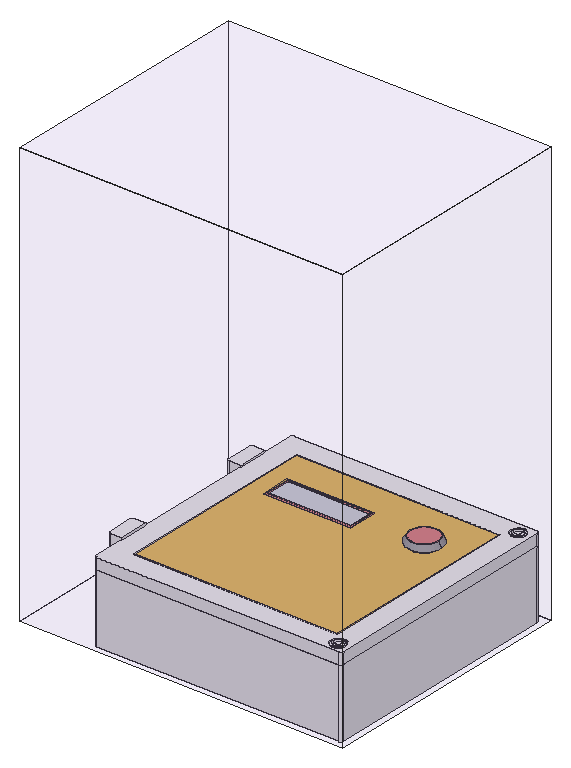
Revit family "BG", category Electrical Equipment, host Face, Revit 2019
Family settings
  Host = Face
  Panel Configuration = Two Columns, Circuits Across
  Round Connector Dimension = Use Diameter
  Part Type = Panelboard
  Cut with Voids When Loaded = No
  Shared = No
  Room Calculation Point = No
Parameters
  Default Elevation = 1219.2 mm
Reference planes
  plane 1 "Center (Front/Back)": y = 0
  plane 2: z = 0
  plane 3 "Center (Left/Right)": x = 0
  plane 4: y = 38
  plane 5: x = 48
  plane 6: z = 59
  plane 7: z = 44
  plane 8: x = -44
  plane 9 "Clearance Zone Left": x = -140
  plane 10 "Clearance Zone Top": y = 95
  plane 11 "Clearance Zone Right": x = 95
  plane 12 "Clearance Zone Bottom": y = -95
  plane 13 "Clearance Zone Front": z = 309
Forms (mm)
  Extrusion 1, solid, material "Polycarbonate - White"
    sketch origin (0, 0, 0) x (1, 0, 0) y (0, 1, 0)
      loop
        arc (-88, 90) -> (-89.414, 89.414) -> (-90, 88) r 2
        line (-90, 88) -> (-90, -88)
        arc (-90, -88) -> (-89.414, -89.414) -> (-88, -90) r 2
        line (-88, -90) -> (88, -90)
        arc (88, -90) -> (89.414, -89.414) -> (90, -88) r 2
        line (90, -88) -> (90, 88)
        arc (90, 88) -> (89.414, 89.414) -> (88, 90) r 2
        line (88, 90) -> (-88, 90)
    from 0 to 50
  Extrusion 2, solid, material "Polycarbonate - White"
    sketch origin (0, 0, 50) x (1, 0, 0) y (0, 1, 0)
      loop
        arc (-88, 90) -> (-89.414, 89.414) -> (-90, 88) r 2
        line (-90, 88) -> (-90, -88)
        arc (-90, -88) -> (-89.414, -89.414) -> (-88, -90) r 2
        line (-88, -90) -> (88, -90)
        arc (88, -90) -> (89.414, -89.414) -> (90, -88) r 2
        line (90, -88) -> (90, 88)
        arc (90, 88) -> (89.414, 89.414) -> (88, 90) r 2
        line (88, 90) -> (-88, 90)
      loop
        line (74, 74) -> (-74, 74) -> (-74, -74) -> (74, -74) -> (74, 74)
      loop
        circle (81.392, 82) r 5.5
      loop
        circle (81.392, -82) r 5.5
    from 0 to 8
  Extrusion 3, solid, material "Glass"
    sketch origin (0, 5.097, 50) x (1, 0, 0) y (0, 1, 0)
      loop
        line (-58.723, 41.903) -> (-58.723, 23.903) -> (1.277, 23.903) -> (1.277, 41.903) -> (-58.723, 41.903)
    from 7.153 to 8
  Extrusion 4, solid, material "Plastic Sticker"
    sketch origin (0, 0, 50) x (1, 0, 0) y (0, 1, 0)
      loop
        line (-74, 74) -> (-74, -74) -> (74, -74) -> (74, 74) -> (-74, 74)
      loop
        line (-60.223, 48.463) -> (-60.223, 27.5) -> (2.777, 27.5) -> (2.777, 48.463) -> (-60.223, 48.463)
      loop
        circle (48, 38) r 7.902
    from 0 to 8
  Extrusion 5, solid
    sketch origin (0, 0, 50) x (1, 0, 0) y (0, 1, 0)
      loop
        line (-58.723, 47) -> (-58.723, 29) -> (1.277, 29) -> (1.277, 47) -> (-58.723, 47)
    from 2.849 to 8
  Extrusion 6, solid, material "Polycarbonate - White"
    sketch origin (0, 27, 50) x (1, 0, 0) y (0, 1, 0)
      loop
        line (-90, 38) -> (-98, 38)
        arc (-98, 38) -> (-99.414, 37.414) -> (-100, 36) r 2
        line (-100, 36) -> (-100, 18)
        arc (-100, 18) -> (-99.414, 16.586) -> (-98, 16) r 2
        line (-98, 16) -> (-90, 16) -> (-90, 38)
    from -6 to 9
  Extrusion 7, solid, material "Polycarbonate - White"
    sketch origin (0, 27, 33) x (0, -1, 0) y (-1, 0, 0)
      loop
        line (-38, 90) -> (-16, 90) -> (-16, 98)
        arc (-16, 98) -> (-16.586, 99.414) -> (-18, 100) r 2
        line (-18, 100) -> (-36, 100)
        arc (-36, 100) -> (-37.414, 99.414) -> (-38, 98) r 2
        line (-38, 98) -> (-38, 90)
    from -6 to 9
  Extrusion 8, solid, material "Polycarbonate - White"
    sketch origin (0, 27, 48) x (0, -1, 0) y (-1, 0, 0)
      loop
        line (-38, 90) -> (-16, 90) -> (-16, 98)
        arc (-16, 98) -> (-16.586, 99.414) -> (-18, 100) r 2
        line (-18, 100) -> (-36, 100)
        arc (-36, 100) -> (-37.414, 99.414) -> (-38, 98) r 2
        line (-38, 98) -> (-38, 90)
    from 4 to 9
  Extrusion 9, solid, material "Polycarbonate - White"
    sketch origin (0, 0, 50) x (1, 0, 0) y (0, 1, 0)
      loop
        circle (81.392, 82) r 5
      loop
        circle (81.392, 82) r 4
    from 0 to 8
  Extrusion 10, solid, material "Polycarbonate - White"
    sketch origin (0, 0, 50) x (1, 0, 0) y (0, 1, 0)
      loop
        circle (81.392, -82) r 5
      loop
        circle (81.392, -82) r 4
    from 0 to 8
  Extrusion 11, solid, material "Polycarbonate - White"
    sketch origin (0, 0, 58) x (1, 0, 0) y (0, 1, 0)
      loop
        line (81.392, 85.5) -> (81.392, 82) -> (84.892, 82)
        arc (84.892, 82) -> (83.867, 84.475) -> (81.392, 85.5) r 3.5
    from -8 to -1
  Extrusion 12, solid, material "Polycarbonate - White"
    sketch origin (162.784, 0, 58) x (-1, 0, 0) y (0, -1, 0)
      loop
        arc (81.392, -85.5) -> (83.867, -84.475) -> (84.892, -82) r 3.5
        line (84.892, -82) -> (81.392, -82) -> (81.392, -85.5)
    from -8 to -1
  Extrusion 13, solid, material "Polycarbonate - White"
    sketch origin (0, 164, 58) x (1, 0, 0) y (0, 1, 0)
      loop
        arc (81.392, -85.5) -> (83.867, -84.475) -> (84.892, -82) r 3.5
        line (84.892, -82) -> (81.392, -82) -> (81.392, -85.5)
    from -8 to -1
  Extrusion 14, solid, material "Polycarbonate - White"
    sketch origin (162.784, 164, 58) x (-1, 0, 0) y (0, -1, 0)
      loop
        line (81.392, 85.5) -> (81.392, 82) -> (84.892, 82)
        arc (84.892, 82) -> (83.867, 84.475) -> (81.392, 85.5) r 3.5
    from -8 to -1
  Extrusion 15, solid, material "Polycarbonate - White"
    sketch origin (0, 0, 58) x (1, 0, 0) y (0, 1, 0)
      loop
        arc (81.392, -85.5) -> (83.867, -84.475) -> (84.892, -82) r 3.5
        line (84.892, -82) -> (81.392, -82) -> (81.392, -85.5)
    from -8 to -1
  Extrusion 16, solid, material "Polycarbonate - White"
    sketch origin (162.784, 0, 58) x (-1, 0, 0) y (0, -1, 0)
      loop
        line (81.392, 85.5) -> (81.392, 82) -> (84.892, 82)
        arc (84.892, 82) -> (83.867, 84.475) -> (81.392, 85.5) r 3.5
    from -8 to -1
  Extrusion 17, solid, material "Polycarbonate - White"
    sketch origin (0, -164, 58) x (1, 0, 0) y (0, 1, 0)
      loop
        line (81.392, 85.5) -> (81.392, 82) -> (84.892, 82)
        arc (84.892, 82) -> (83.867, 84.475) -> (81.392, 85.5) r 3.5
    from -8 to -1
  Extrusion 18, solid, material "Polycarbonate - White"
    sketch origin (162.784, -164, 58) x (-1, 0, 0) y (0, -1, 0)
      loop
        arc (81.392, -85.5) -> (83.867, -84.475) -> (84.892, -82) r 3.5
        line (84.892, -82) -> (81.392, -82) -> (81.392, -85.5)
    from -8 to -1
  Extrusion 19, solid, material "Polycarbonate - White"
    sketch origin (0, -27, 50) x (1, 0, 0) y (0, 1, 0)
      loop
        line (-90, -38) -> (-90, -16) -> (-98, -16)
        arc (-98, -16) -> (-99.414, -16.586) -> (-100, -18) r 2
        line (-100, -18) -> (-100, -36)
        arc (-100, -36) -> (-99.414, -37.414) -> (-98, -38) r 2
        line (-98, -38) -> (-90, -38)
    from -6 to 9
  Extrusion 20, solid, material "Polycarbonate - White"
    sketch origin (0, -27, 33) x (0, -1, 0) y (-1, 0, 0)
      loop
        line (38, 90) -> (38, 98)
        arc (38, 98) -> (37.414, 99.414) -> (36, 100) r 2
        line (36, 100) -> (18, 100)
        arc (18, 100) -> (16.586, 99.414) -> (16, 98) r 2
        line (16, 98) -> (16, 90) -> (38, 90)
    from -6 to 9
  Extrusion 21, solid, material "Polycarbonate - White"
    sketch origin (0, -27, 48) x (0, -1, 0) y (-1, 0, 0)
      loop
        line (38, 90) -> (38, 98)
        arc (38, 98) -> (37.414, 99.414) -> (36, 100) r 2
        line (36, 100) -> (18, 100)
        arc (18, 100) -> (16.586, 99.414) -> (16, 98) r 2
        line (16, 98) -> (16, 90) -> (38, 90)
    from 4 to 9
  Extrusion 22, solid, material "Aluminum - Anodized Rough (Red)"
    sketch origin (0, 0, 58) x (1, 0, 0) y (0, 1, 0)
      loop
        line (-60.223, 48.5) -> (-60.223, 27.5) -> (2.777, 27.5) -> (2.777, 48.5) -> (-60.223, 48.5)
      loop
        line (-58.723, 47) -> (-58.723, 29) -> (1.277, 29) -> (1.277, 47) -> (-58.723, 47)
    from -0.847 to 0
  Extrusion 23, solid, material "Clearance Zones"
    sketch origin (0, 0, 58) x (1, 0, 0) y (0, 1, 0)
      loop
        line (-140, 95) -> (-140, -95) -> (95, -95) -> (95, 95) -> (-140, 95)
    from -58 to 251
Dimensions and locks
  locked: Extrusion 2 to plane 11 "Clearance Zone Right" at 5
  locked: plane 10 "Clearance Zone Top" to Extrusion 2 at 5
  locked: Extrusion 2 to plane 12 "Clearance Zone Bottom" at 5
  locked: plane 9 "Clearance Zone Left" to Extrusion 2 at 50
  locked: plane 13 "Clearance Zone Front" to host face at 309
  aligned and locked: plane 2 to host face
  aligned and locked: level to host face
Nested families
  nested 1: "Generic Flamefast EM Stop" at (48, 38, 60.168), type "Generic Flamefast EM Stop"
Connectors
  electrical at (0, 0, 0)
    settings: on Extrusion 1, index 1, voltage 240 V, apparent load 0 VA, apparent load phase1 10 VA, apparent load phase2 0 VA, apparent load phase3 0 VA, power factor 1, load classification "Other", number of poles 1, system type 31, power factor state 1, is connector primary yes, connector utility no, sub classification motor no, connector description ""
Definition of nested family "Generic Flamefast EM Stop"
  Reference planes
    plane 1 "Center (Front/Back)": y = 0
    plane 2: z = 0
    plane 3 "Center (Left/Right)": x = 0
  Forms (mm)
    Blend 1, solid
      base sketch origin (0, 0, 0) x (1, 0, 0) y (0, 1, 0)
        loop
          circle (0, 0) r 12.5
      top sketch origin (0, 0, 0) x (1, 0, 0) y (0, 1, 0)
        loop
          circle (0, 0) r 10.5
      from 0 to 3.5
    Extrusion 2, solid
      sketch origin (0, 0, 5.342) x (0, 1, 0) y (1, 0, 0)
        loop
          circle (0, 0) r 10
      from 1.7 to 4
    Extrusion 3, solid
      sketch origin (0, 0, 1.832) x (0, 1, 0) y (1, 0, 0)
        loop
          circle (0, 0) r 10
      from 1.832 to 4
    Extrusion 4, void
      sketch origin (0, 0, 0) x (1, 0, 0) y (0, 1, 0)
        loop
          circle (0, 0) r 10.5
        loop
          circle (0, 0) r 10
      from 0 to 3.5
  Cuts and joins
    Extrusion 4 cuts Blend 1
  Dimensions and locks
    aligned and locked: level to plane 2
